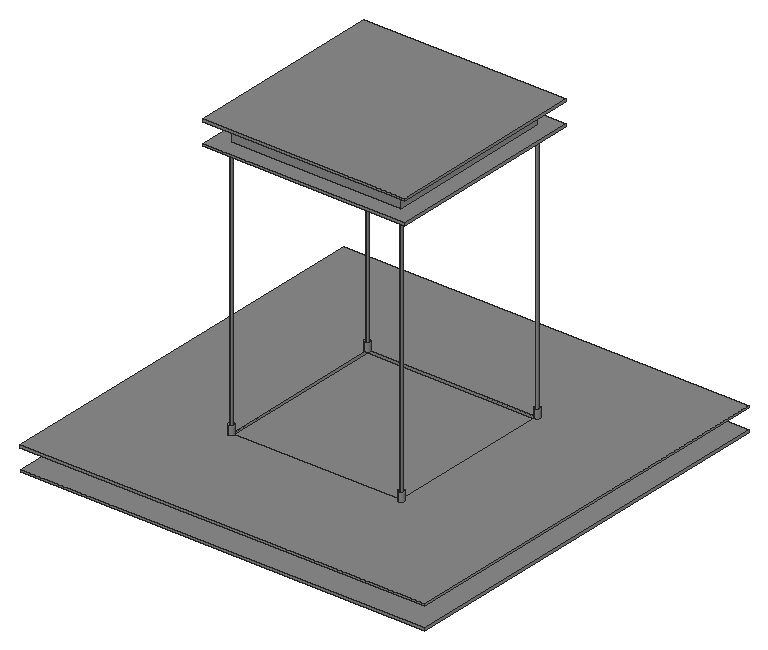
Revit family "Iluminação Pendente-Quadrada", category Luminárias, Revit 2019
Family settings
  Hospedeiro = Forro
  Cota do conector redondo = Utilizar diâmetro
  Tipo de parte = Normal
  Número OmniClass = 23.80.70.11
  Título OmniClass = Luminaries for Internal Lighting
  Sempre na vertical = Sim
  Corte com vazios quando carregada = Não
  Fonte luminosa = Sim
  Compartilhado = Não
  Ponto de cálculo do ambiente = Não
Parameters (values of type "500 x 500 mm")
  Wattage = 50 W
  W2 = W1 + 50 mm  # 300 mm
  W1 = Largura / 2  # 250 mm
  Largura = 500 mm
  built-in parameter 1150110 = 1 (stored number, unit not read)
  built-in parameter 1114217 = 1 (stored number, unit not read)
  built-in parameter 1150109 = 1 (stored number, unit not read)
  built-in parameter 1150134 = (empty or 0)
  built-in parameter 1150113 = 1 (stored number, unit not read)
  Lumens = 7427.1 lm
  built-in parameter 1150115 = 1 (stored number, unit not read)
  built-in parameter 1150105 = 591.03 (stored number, unit not read)
  Tamanho do símbolo da fonte luminosa = Largura  # 500 mm
  built-in parameter 1150137 = (empty or 0)
  built-in parameter 1150139 = (empty or 0)
  Material da luminária = Metal - Acabamento pintado - Cinza escuro, fosco
  built-in parameter 1150112 = 1 (stored number, unit not read)
  built-in parameter 1150114 = 1 (stored number, unit not read)
  built-in parameter 1150132 = (empty or 0)
  built-in parameter 1150102 = (empty or 0)
  built-in parameter 1150138 = (empty or 0)
  built-in parameter 1150107 = 3000 (stored number, unit not read)
  built-in parameter 1150106 = 5.9103 (stored number, unit not read)
  Altura = 380 mm
  Emit from Rectangle Width = W1 - 50 mm  # 200 mm
  Emit from Rectangle Length = W1 - 50 mm  # 200 mm
  Emitir forma visível na renderização = no
  built-in parameter 1150104 = 13.8 (stored number, unit not read)
  Troca de temperatura da cor de lâmpada com esmaecimento = <Nenhum>
  Filtro de cor = 16777215
  Material montado no forro = Metal - Acabamento pintado - Cinza escuro, fosco
  built-in parameter 1114218 = 1 (stored number, unit not read)
  built-in parameter 1150133 = 10 (stored number, unit not read)
Reference planes
  plane 1 "Eixo de origem da luz (F/T)": y = 0
  plane 2: z = 0
  plane 3 "Eixo de origem da luz (E/D)": x = 0
  plane 4 "Forro": z = 3960
  plane 5 "Elevação da origem da luz": z = 3610
  plane 6: y = 250
  plane 7: x = -250
  plane 8: x = 250
  plane 9: y = -250
  plane 10: y = 147
  plane 11: x = -147
  plane 12: x = 147
  plane 13: y = -147
  plane 14: z = 3930
  plane 15: z = 3580
  plane 16: z = 3610
  plane 17: z = 3607
  plane 18: z = 3583
  plane 19: z = 3957
  plane 20: z = 3933
  plane 21: y = -125
  plane 22: x = 125
  plane 23: y = 125
  plane 24: x = -125
  plane 25: y = 150
  plane 26: x = -150
  plane 27: x = 150
  plane 28: y = -150
  plane 29: z = 3620
  plane 30: x = -105
  plane 31: x = 105
  plane 32: y = 105
  plane 33: y = -105
Forms (mm)
  Extrusion 1, solid, material "Metal - Acabamento pintado - Cinza escuro, fosco" <- "Material montado no forro"
    sketch origin (0, 0, 3960) x (0, 1, 0) y (-1, 0, 0)
      loop
        circle (-105, -105) r 1.486
    from -340 to -30
  Extrusion 2, solid, material "Metal - Acabamento pintado - Cinza escuro, fosco" <- "Material montado no forro"
    sketch origin (0, 0, 3960) x (0, 1, 0) y (-1, 0, 0)
      loop
        circle (-105, -105) r 3.535
    from -350 to -340
  Extrusion 3, solid, material "Metal - Acabamento pintado - Cinza escuro, fosco" <- "Material montado no forro"
    sketch origin (340, 0, 3960) x (0, 1, 0) y (-1, 0, 0)
      loop
        circle (-105, 445) r 1.486
    from -340 to -30
  Extrusion 4, solid, material "Metal - Acabamento pintado - Cinza escuro, fosco" <- "Material montado no forro"
    sketch origin (340, 0, 3960) x (0, 1, 0) y (-1, 0, 0)
      loop
        circle (-105, 445) r 3.535
    from -350 to -340
  Extrusion 5, solid, material "Metal - Acabamento pintado - Cinza escuro, fosco" <- "Material montado no forro"
    sketch origin (340, -340, 3960) x (0, 1, 0) y (-1, 0, 0)
      loop
        circle (445, 445) r 1.486
    from -340 to -30
  Extrusion 6, solid, material "Metal - Acabamento pintado - Cinza escuro, fosco" <- "Material montado no forro"
    sketch origin (340, -340, 3960) x (0, 1, 0) y (-1, 0, 0)
      loop
        circle (445, 445) r 3.535
    from -350 to -340
  Extrusion 7, solid, material "Metal - Acabamento pintado - Cinza escuro, fosco" <- "Material montado no forro"
    sketch origin (0, -340, 3960) x (0, 1, 0) y (-1, 0, 0)
      loop
        circle (445, -105) r 1.486
    from -340 to -30
  Extrusion 8, solid, material "Metal - Acabamento pintado - Cinza escuro, fosco" <- "Material montado no forro"
    sketch origin (0, -340, 3960) x (0, 1, 0) y (-1, 0, 0)
      loop
        circle (445, -105) r 3.535
    from -350 to -340
  Extrusion 9, solid, material "Metal - Acabamento pintado - Cinza escuro, fosco" <- "Material da luminária"
    sketch origin (0, 0, 3960) x (0, 1, 0) y (-1, 0, 0)
      loop
        line (125, 125) -> (-125, 125) -> (-125, -125) -> (125, -125) -> (125, 125)
    from -3 to 0
  Extrusion 10, solid, material "Metal - Acabamento pintado - Cinza escuro, fosco" <- "Material da luminária"
    sketch origin (0, 0, 3960) x (0, 1, 0) y (-1, 0, 0)
      loop
        line (105, 105) -> (-105, 105) -> (-105, -105) -> (105, -105) -> (105, 105)
    from -27 to -3
  Extrusion 11, solid, material "Metal - Acabamento pintado - Cinza escuro, fosco" <- "Material da luminária"
    sketch origin (0, 0, 3960) x (0, 1, 0) y (-1, 0, 0)
      loop
        line (125, 125) -> (-125, 125) -> (-125, -125) -> (125, -125) -> (125, 125)
    from -30 to -27
  Extrusion 12, solid, material "Metal - Acabamento pintado - Cinza escuro, fosco" <- "Material da luminária"
    sketch origin (0, 0, 3960) x (0, 1, 0) y (-1, 0, 0)
      loop
        line (150, 150) -> (-150, 150) -> (-150, -150) -> (150, -150) -> (150, 150)
      loop
        line (147, 147) -> (-147, 147) -> (-147, -147) -> (147, -147) -> (147, 147)
    from -377 to -353
  Extrusion 13, solid, material "Metal - Acabamento pintado - Cinza escuro, fosco" <- "Material da luminária"
    sketch origin (0, 0, 3960) x (0, 1, 0) y (-1, 0, 0)
      loop
        line (250, 250) -> (-250, 250) -> (-250, -250) -> (250, -250) -> (250, 250)
    from -380 to -377
  Extrusion 14, solid, material "Metal - Acabamento pintado - Cinza escuro, fosco" <- "Material da luminária"
    sketch origin (0, 0, 3960) x (0, 1, 0) y (-1, 0, 0)
      loop
        line (250, 250) -> (-250, 250) -> (-250, -250) -> (250, -250) -> (250, 250)
      loop
        line (105, 105) -> (-105, 105) -> (-105, -105) -> (105, -105) -> (105, 105)
    from -353 to -350
Cuts and joins
  joined: Extrusion 12, Extrusion 13, Extrusion 14
  joined: Extrusion 9, Extrusion 10, Extrusion 11
  joined: Extrusion 1, Extrusion 2
  joined: Extrusion 7, Extrusion 8
  joined: Extrusion 3, Extrusion 4
  joined: Extrusion 5, Extrusion 6
Dimensions and locks
  equal spacing: host sketch curve, plane 3 "Eixo de origem da luz (E/D)", host sketch curve
  equal spacing: host sketch curve, plane 1 "Eixo de origem da luz (F/T)", host sketch curve
  host sketch curve to host sketch curve = 4000 mm  (x2)
  locked: plane 4 "Forro" to host ceiling at 0
  locked: plane 19 to plane 4 "Forro" at 3
  locked: plane 20 to plane 14 at 3
  locked: plane 16 to plane 17 at 3
  locked: plane 18 to plane 15 at 3
  locked: plane 19 to plane 20 at 24
  locked: plane 17 to plane 18 at 24
  "Altura": plane 15 to plane 4 "Forro"
  locked: plane 29 to plane 16 at 10
  "Largura": plane 6 to plane 9
  "Largura": plane 7 to plane 8
  equal spacing: plane 7, plane 3 "Eixo de origem da luz (E/D)", plane 8
  equal spacing: plane 6, plane 1 "Eixo de origem da luz (F/T)", plane 9
  equal spacing: plane 26, plane 3 "Eixo de origem da luz (E/D)", plane 27
  "W2": plane 26 to plane 27
  equal spacing: plane 25, plane 1 "Eixo de origem da luz (F/T)", plane 28
  "W2": plane 25 to plane 28
  equal spacing: plane 24, plane 3 "Eixo de origem da luz (E/D)", plane 22
  "W1": plane 24 to plane 22
  equal spacing: plane 23, plane 1 "Eixo de origem da luz (F/T)", plane 21
  "W1": plane 23 to plane 21
  locked: plane 24 to plane 30 at 20
  locked: plane 23 to plane 32 at 20
  locked: plane 31 to plane 22 at 20
  locked: plane 33 to plane 21 at 20
  equal spacing: Extrusion 12, Extrusion 14 sketch curve, plane 27
  locked: plane 26 to plane 11 at 3
  locked: plane 25 to plane 10 at 3
  locked: plane 13 to plane 28 at 3
  locked: plane 12 to plane 27 at 3
  aligned and locked: plane 3 "Eixo de origem da luz (E/D)" to imposter light
  aligned and locked: plane 1 "Eixo de origem da luz (F/T)" to imposter light
  aligned and locked: plane 5 "Elevação da origem da luz" to imposter light
  aligned and locked: plane 5 "Elevação da origem da luz" to plane 16
  aligned and locked: plane 14 to Extrusion 1  (x2)
  aligned and locked: Extrusion 1 to plane 29
  aligned and locked: plane 5 "Elevação da origem da luz" to Extrusion 2
  aligned and locked: Extrusion 2 to Extrusion 1
  aligned and locked: Extrusion 4 to Extrusion 3
  aligned and locked: Extrusion 6 to Extrusion 5
  aligned and locked: Extrusion 8 to Extrusion 7
  aligned and locked: plane 14 to Extrusion 7
  aligned and locked: plane 14 to Extrusion 5
  aligned and locked: plane 29 to Extrusion 8
  aligned and locked: Extrusion 7 to plane 29
  aligned and locked: plane 29 to Extrusion 6
  aligned and locked: Extrusion 5 to plane 29
  aligned and locked: Extrusion 8 to plane 29  (x2)
  aligned and locked: Extrusion 8 to imposter light
  aligned and locked: Extrusion 6 to imposter light
  aligned and locked: Extrusion 8 to plane 16
  aligned and locked: plane 14 to Extrusion 3
  aligned and locked: plane 29 to Extrusion 2
  aligned and locked: plane 29 to Extrusion 4
  aligned and locked: Extrusion 3 to plane 29
  aligned and locked: plane 29 to Extrusion 1
  aligned and locked: Extrusion 2 to imposter light
  aligned and locked: Extrusion 4 to imposter light
  aligned and locked: plane 23 to Extrusion 9 sketch curve
  aligned and locked: Extrusion 9 sketch curve to plane 24
  aligned and locked: Extrusion 9 sketch curve to plane 21
  aligned and locked: plane 22 to Extrusion 9 sketch curve
  aligned and locked: Extrusion 9 to plane 19
  aligned and locked: Extrusion 9 to plane 4 "Forro"
  aligned and locked: Extrusion 10 to plane 20
  aligned and locked: plane 19 to Extrusion 10
  aligned and locked: Extrusion 11 sketch curve to Extrusion 9  (x4)
  aligned and locked: Extrusion 11 to plane 14
  aligned and locked: plane 20 to Extrusion 11
  aligned and locked: plane 30 to Extrusion 6 sketch curve
  aligned and locked: plane 30 to Extrusion 5 sketch curve
  aligned and locked: plane 31 to Extrusion 8 sketch curve
  aligned and locked: plane 31 to Extrusion 7 sketch curve
  aligned and locked: plane 31 to Extrusion 2 sketch curve
  aligned and locked: plane 31 to Extrusion 1 sketch curve
  aligned and locked: plane 30 to Extrusion 4 sketch curve
  aligned and locked: plane 30 to Extrusion 3 sketch curve
  aligned and locked: plane 32 to Extrusion 6 sketch curve
  aligned and locked: plane 32 to Extrusion 5 sketch curve
  aligned and locked: plane 32 to Extrusion 8 sketch curve
  aligned and locked: plane 32 to Extrusion 7 sketch curve
  aligned and locked: plane 33 to Extrusion 4 sketch curve
  aligned and locked: plane 33 to Extrusion 3 sketch curve
  aligned and locked: plane 33 to Extrusion 2 sketch curve
  aligned and locked: plane 33 to Extrusion 1 sketch curve
  aligned and locked: plane 25 to Extrusion 12 sketch curve
  aligned and locked: Extrusion 12 sketch curve to plane 26
  aligned and locked: Extrusion 12 sketch curve to plane 28
  aligned and locked: plane 27 to Extrusion 12 sketch curve
  aligned and locked: plane 10 to Extrusion 12 sketch curve
  aligned and locked: Extrusion 12 sketch curve to plane 11
  aligned and locked: Extrusion 12 sketch curve to plane 13
  aligned and locked: plane 12 to Extrusion 12 sketch curve
  aligned and locked: Extrusion 12 to plane 18
  aligned and locked: plane 17 to Extrusion 12
  aligned and locked: plane 6 to Extrusion 13 sketch curve
  aligned and locked: Extrusion 13 sketch curve to plane 7
  aligned and locked: Extrusion 13 sketch curve to plane 9
  aligned and locked: plane 8 to Extrusion 13 sketch curve
  aligned and locked: plane 18 to Extrusion 13
  aligned and locked: Extrusion 13 to plane 15
  aligned and locked: Extrusion 14 sketch curve to Extrusion 13  (x4)
  aligned and locked: Extrusion 14 to plane 17
  aligned and locked: plane 16 to Extrusion 14
  aligned and locked: plane 30 to Extrusion 14 sketch curve
  aligned and locked: plane 33 to Extrusion 14 sketch curve
  aligned and locked: Extrusion 14 sketch curve to plane 31
  aligned and locked: Extrusion 14 sketch curve to plane 32
Automatic sketch dimensions
  Extrusion 10 sketch curve to plane 30 = 0 mm
  Extrusion 10 sketch curve to plane 33 = 0 mm
  Extrusion 10 sketch curve to plane 32 = 0 mm
  Extrusion 10 sketch curve to plane 31 = 0 mm
  radius of Extrusion 1 sketch curve = 1.486 mm
  radius of Extrusion 2 sketch curve = 3.535 mm
  radius of Extrusion 3 sketch curve = 1.486 mm
  radius of Extrusion 4 sketch curve = 3.535 mm
  radius of Extrusion 5 sketch curve = 1.486 mm
  radius of Extrusion 6 sketch curve = 3.535 mm
  radius of Extrusion 7 sketch curve = 1.486 mm
  radius of Extrusion 8 sketch curve = 3.535 mm
